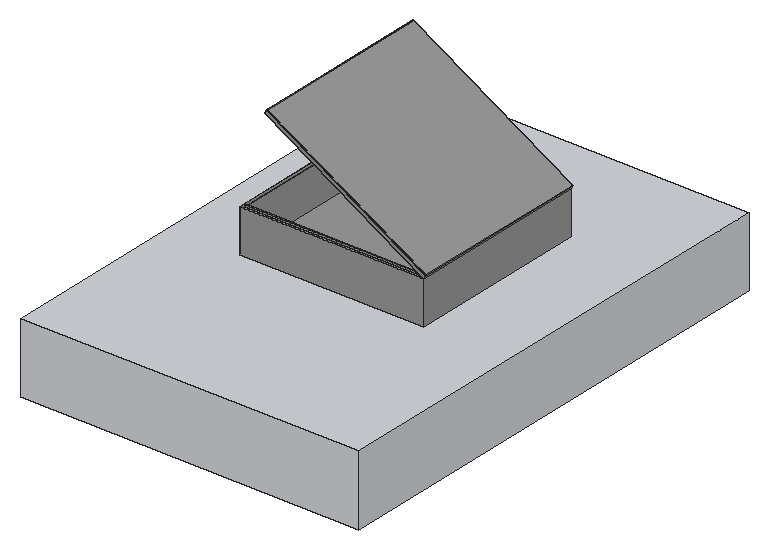
Revit family "Hager-Univers-IP54-D205-H800-Cl.II-Encl-NL-en", category Equipement électrique, Revit 2020
Family settings
  Hôte = Face
  Configuration du panneau = Deux colonnes, circuits au sein
  Cote de connecteur circulaire = Utiliser le diamètre
  Type d'élément = Tableau de raccordement
  Couper avec des vides une fois chargée = Non
  Partagée = Non
  Point de calcul de pièce = Non
Parameters (values of type "Surface mounted (plaster) IP54 W800 H800 D205  - FP53QSW")
  Width Control [instance] = if([EF000008 - Width] > Min Width, [EF000008 - Width], Min Width)  # 800 mm
  Commentaires du type = [HG000003 - Range]  # "Univers"
  Thickness Door [instance] = if([EF009171 - Material plate thickness door/cover] > 3 mm, 3 mm, [EF009171 - Material plate thickness door/cover])  # 1 mm
  Seal Frame Offset [instance] = 17 mm  # constant formula
  Plinth Visibility [instance] = [HG000027 - Plinth height] > 0 mm  # no
  Model = ""
  Min Width [instance] = 100 mm  # constant formula
  Min Height [instance] = 100 mm  # constant formula
  Min Depth [instance] = (2 * [EF009170 - Material plate thickness cabinet]) + 1 mm  # 3 mm
  Internal Frame Depth [instance] = (Door System Depth * 0.5)  # 9 mm
  Height Control [instance] = if([EF000040 - Height] > Min Height, [EF000040 - Height], Min Height)  # 800 mm
  HG000027 - Plinth height = 0 mm
  HG000026 - Floor standing = no
  HG000024 - Bottom section height = 800 mm
  HG000023 - Double section enclosure = no
  HG000016 - Door 3d visibility [instance] = yes
  HG000015 - Clearance visibility [instance] = no
  HG000014 - Door on the right [instance] = yes
  HG000013 - Door on the left [instance] = not([HG000014 - Door on the right])  # no
  HG000012 - Door swing angle [instance] = 30.00°
  HG000010 - Asymmetric doors = no
  HG000009 - Double swing door = no
  HG000006 - Flush mounted = no
  HG000004 - Manufacturer reference = "FP53QSW"
  HG000003 - Range = "Univers"
  HG000002 - With door or cover = yes
  Frame Offset Bottom [instance] = 10 mm  # constant formula
  Frame Offset [instance] = 15 mm  # constant formula
  EF015940 - Cover with overpressure release = no
  EF011959 - Degree of protection (NEMA) = ""
  EF009554 - Number of openings for flange plates = 6
  EF009212 - Cover model = "EV000116 - Closed"
  EF009171 - Material plate thickness door/cover = 1 mm
  EF009170 - Material plate thickness cabinet = 1 mm
  Fabricant = "Hager"  # constant formula
  EF008873 - Nominal current (In) = 250 A
  EF007800 - Suitable for lightning protection = no
  EF006306 - With lock = no
  EF006244 - Transparent cover/door = no
  EF005474 - Degree of protection (IP) = "EV006419 - IP54"
  EF004464 - Type of door = "EV002646 - Single"
  EF004427 - Number of modules = 180
  EF004293 - Impact strength = "EV006815 - IK09"
  EF003532 - Suitable for outdoor use = no
  EF002950 - Width in number of modular spacings = 36
  EF001613 - Circuit integrity = "EV000494 - None"
  EF001596 - Material housing = "EV000179 - Steel"
  EF001131 - Internal depth = 143 mm
  EF001088 - Extension possible = yes
  EF000437 - Number of conduit inlets = 6
  EF000339 - Type of cover = "EV001012 - Cover"
  EF000266 - Number of rows = 5
  EF000218 - Built-in depth = 0 mm
  EF000118 - With mounting plate = no
  EF000116 - RAL-number = "9010"
  EF000049 - Depth = 205 mm
  EF000040 - Height = 800 mm
  EF000008 - Width = 800 mm
  EF000007 - Colour = "EV000202 - White"
  EF000003 - Mounting method = "EV000384 - Surface mounted (plaster)"
  Door System Leaf Tolerance [instance] = 1.5 mm  # constant formula
  Door System Depth [instance] = 18 mm  # constant formula
  Door Height [instance] = Height Control - [HG000027 - Plinth height]  # 800 mm
  Depth Control [instance] = if([EF000049 - Depth] > Min Depth, [EF000049 - Depth], Min Depth)  # 205 mm
  Default Elevation = 0 mm
  Connector Offset [instance] = Height Control / 2  # 400 mm
  Bottom Top Plate Trim [instance] = 1.5 mm  # constant formula
  Plinth height Ctrl [instance] = if([HG000027 - Plinth height] > 0 mm, [HG000027 - Plinth height], 12 mm)  # 12 mm
Types (2, lengths in mm): name | Width Control | HG000004 - Manufacturer reference | EF009554 - Number of openings for flange plates | EF004427 - Number of modules | EF002950 - Width in number of modular spacings | EF000437 - Number of conduit inlets | EF000008 - Width
  Surface mounted (plaster) IP54 W550 H800 D205  - FP52QSW | 550 | "FP52QSW" | 4 | 120 | 24 | 4 | 550
  Surface mounted (plaster) IP54 W800 H800 D205  - FP53QSW | 800 | "FP53QSW" | 6 | 180 | 36 | 6 | 800
Reference planes
  plane 1 "Center (Front/Back)": y = 0
  plane 2: z = 0
  plane 3 "Center (Left/Right)": x = 0
  plane 4: z = 205
  plane 5: y = 1
  plane 6: y = 400
  plane 7: y = 0
  plane 8: y = 800
  plane 9: z = 0
  plane 10: x = -385
  plane 11: x = 385
  plane 12: x = 384
  plane 13: x = -384
  plane 14: y = 799
  plane 15: x = -383
  plane 16: x = -400
  plane 17: x = 383
  plane 18: x = 400
  plane 19: x = 399
  plane 20: x = -399
  plane 21: y = 11
  plane 22: y = 800
  plane 23: y = 784
  plane 24: z = 187
  plane 25: z = 1
  plane 26: z = 186
  plane 27: z = 204
Forms (mm)
  Extrusion 1, solid
    sketch origin (0, 0, 0) x (1, 0, 0) y (0, 1, 0)
      loop
        line (-702.964, 1305) -> (-702.964, -811.445) -> (766.763, -811.445) -> (766.763, 1305) -> (-702.964, 1305)
    from 0 to -304.8
  Extrusion 2, solid, material "Hager_Steel_RAL7035_Light_Grey", visible <- "Plinth Visibility", detail levels medium+fine
    sketch origin (0, 0, 0) x (1, 0, 0) y (0, 1, 0)
      loop
        line (-400, 0) -> (400, 0) -> (400, 12) -> (-400, 12) -> (-400, 0)
    from 0 to 187
  Extrusion 3, solid, material "Hager_Steel_RAL7035_Light_Grey", detail levels medium+fine
    sketch origin (0, 0, 0) x (1, 0, 0) y (0, 1, 0)
      loop
        line (-400, 0) -> (400, 0) -> (400, 800) -> (-400, 800) -> (-400, 0)
    from 0 to 187
  Extrusion 4, void
    sketch origin (0, 0, 0) x (1, 0, 0) y (0, 1, 0)
      loop
        line (-399, 1) -> (399, 1) -> (399, 799) -> (-399, 799) -> (-399, 1)
    from 1 to 186
  Extrusion 5, void
    sketch origin (-381.607, -4572, 187) x (0, -1, 0) y (-1, 0, 0)
      loop
        line (-4583, 2.393) -> (-5356, 2.393) -> (-5356, -765.607) -> (-4583, -765.607) -> (-4583, 2.393)
    from 0 to 1 <- "EF009170 - Material plate thickness cabinet"
  Extrusion 6, solid, material "Hager_Steel_RAL7035_Light_Grey", detail levels fine
    sketch origin (0, 0, 187) x (1, 0, 0) y (0, 1, 0)
      loop
        line (-384, 784) -> (-384, 11) -> (384, 11) -> (384, 784) -> (-384, 784)
      loop
        line (-385, 10) -> (385, 10) -> (385, 785) -> (-385, 785) -> (-385, 10)
    from 0 to 9 <- "Internal Frame Depth"
  Extrusion 7, solid, material "Hager_Steel_RAL7035_Light_Grey", detail levels coarse
    sketch origin (0, 0, 0) x (1, 0, 0) y (0, 1, 0)
      loop
        line (-400, 0) -> (400, 0) -> (400, 800) -> (-400, 800) -> (-400, 0)
    from 0 to 205
  Sweep 8, void
    path in 3D
      loop
        line (-400, 12, 0) -> (400, 12, 0) -> (400, 12, 187) -> (-400, 12, 187) -> (-400, 12, 0)
    profile origin (-400, 12, 93.5) x (-1, 0, 0) y (0, -1, 0)
      loop
        line (0, 0) -> (0, 1.5) -> (-1.5, 1.5)
        arc (-1.5, 1.5) -> (-1.061, 0.439) -> (0, 0) r 1.5
Cuts and joins
  Extrusion 4, Extrusion 5 cuts Extrusion 3
  Sweep 8 cuts Extrusion 2
Lines and regions (mm)
  Masking region 1
    outline origin (0, 0, 0) x (1, 0, 0) y (0, 0, 1)
      loop
        line (-400, 205) -> (-400, 0) -> (400, 0) -> (400, 205) -> (-400, 205)
  Masking region 2, detail levels medium+fine
    outline origin (0, 140, 0) x (0, 1, 0) y (0, 0, 1)
      loop
        line (-140, 0) -> (660, 0) -> (660, 187) -> (-140, 187) -> (-140, 0)
  Masking region 3, not visible, detail levels medium+fine
    outline origin (0, 297.922, 0) x (0, 1, 0) y (0, 0, 1)
      loop
        line (113.578, 0) -> (153.578, 0) -> (153.578, 194)
        arc (153.578, 194) -> (150.649, 201.071) -> (143.578, 204) r 10
        line (143.578, 204) -> (113.578, 204) -> (113.578, 0)
  Masking region 4, detail levels coarse
    outline origin (0, 0, 180) x (0, 1, 0) y (0, 0, 1)
      loop
        line (0, -180) -> (800, -180) -> (800, 25) -> (0, 25) -> (0, -180)
  Masking region 5, visible <- "Plinth Visibility", detail levels medium+fine
    outline origin (0, 52.24, 12.345) x (0, 0, -1) y (0, 1, 0)
      loop
        line (10.845, -40.24) -> (-173.155, -40.24)
        arc (-173.155, -40.24) -> (-173.594, -41.301) -> (-174.655, -41.74) r 1.5
        line (-174.655, -41.74) -> (-174.655, -52.24) -> (12.345, -52.24) -> (12.345, -41.74)
        arc (12.345, -41.74) -> (11.285, -41.301) -> (10.845, -40.24) r 1.5
  Masking region 6, detail levels medium+fine
    outline origin (-381.607, -4572, 187) x (-1, 0, 0) y (0, -1, 0)
      loop
        line (18.393, -5372) -> (18.393, -4572) -> (-781.607, -4572) -> (-781.607, -5372) -> (18.393, -5372)
  Masking region 7, visible <- "Plinth Visibility", detail levels medium+fine
    outline origin (-381.607, -4727, 187) x (-1, 0, 0) y (0, -1, 0)
      loop
        arc (16.893, -4739) -> (17.332, -4737.939) -> (18.393, -4737.5) r 1.5
        line (18.393, -4737.5) -> (18.393, -4727) -> (-781.607, -4727) -> (-781.607, -4737.5)
        arc (-781.607, -4737.5) -> (-780.546, -4737.939) -> (-780.107, -4739) r 1.5
        line (-780.107, -4739) -> (16.893, -4739)
  Masking region 8, detail levels coarse
    outline origin (-442.548, -4669.526, 187) x (-1, 0, 0) y (0, -1, 0)
      loop
        line (-42.548, -5469.526) -> (-42.548, -4669.526) -> (-842.548, -4669.526) -> (-842.548, -5469.526) -> (-42.548, -5469.526)
  sketch lines
    curve 1: line (-400, 12, 187) -> (-400, 12, 0)
    curve 2: line (400, 12, 187) -> (-400, 12, 187)
    curve 3: line (400, 12, 187) -> (400, 12, 0)
    curve 4: line (-400, 12, 0) -> (400, 12, 0)
Dimensions and locks
  "Depth Control": plane 4 to Extrusion 1
  "HG000027 - Plinth height": plane 1 "Center (Front/Back)" to plane 7
  "EF009170 - Material plate thickness cabinet": plane 5 to plane 7
  locked: connector elem to plane 3 "Center (Left/Right)"
  equal spacing: plane 8, plane 6, plane 7
  locked: connector elem to plane 6
  "EF009170 - Material plate thickness cabinet": plane 8 to plane 14
  "EF009170 - Material plate thickness cabinet": plane 10 to plane 13
  "EF009170 - Material plate thickness cabinet": plane 12 to plane 11
  "Frame Offset": plane 20 to plane 13
  "Frame Offset": plane 12 to plane 19
  "EF009170 - Material plate thickness cabinet": plane 16 to plane 20
  "EF009170 - Material plate thickness cabinet": plane 19 to plane 18
  "Seal Frame Offset": plane 16 to plane 15
  "Seal Frame Offset": plane 17 to plane 18
  "Frame Offset Bottom": plane 21 to plane 5
  "Frame Offset": plane 14 to plane 23
  equal spacing: plane 16, plane 3 "Center (Left/Right)", plane 18
  "Width Control": plane 16 to plane 18
  "EF009170 - Material plate thickness cabinet": plane 4 to plane 27
  "EF009170 - Material plate thickness cabinet": plane 24 to plane 26
  "EF009170 - Material plate thickness cabinet": plane 25 to level
  "Door System Depth": plane 4 to plane 24
  "Height Control": plane 1 "Center (Front/Back)" to Extrusion 7 sketch curve
  "Height Control": Masking region 4 sketch curve to plane 1 "Center (Front/Back)"
  "Height Control": plane 1 "Center (Front/Back)" to plane 22
  "Bottom Top Plate Trim": profile plane to Sweep 8 sketch curve
  "Bottom Top Plate Trim": Sweep 8 sketch curve to profile plane
  "Plinth height Ctrl": plane 1 "Center (Front/Back)" to Extrusion 2 sketch curve
  "Plinth height Ctrl": Masking region 5 sketch curve to plane 1 "Center (Front/Back)"
  "Plinth height Ctrl": plane 1 "Center (Front/Back)" to Masking region 7 sketch curve
  "Thickness Door": Extrusion 6 sketch curve to Extrusion 6 sketch curve  (x3)
  "Thickness Door": cut or joined group of Extrusion 3, Extrusion 4, Extrusion 5 to Extrusion 6 sketch curve
  radius of Masking region 3 sketch curve = 10 mm
  "Bottom Top Plate Trim": radius of Masking region 5 sketch curve  (x2)
  "Bottom Top Plate Trim": radius of Sweep 8 sketch curve
  "Bottom Top Plate Trim": radius of Masking region 7 sketch curve  (x2)
  aligned and locked: plane 2 to Extrusion 1
  aligned and locked: level to Extrusion 1
  aligned and locked: level to Masking region 1 sketch curve
  aligned and locked: Masking region 1 sketch curve to plane 18
  aligned and locked: Masking region 1 sketch curve to plane 16
  aligned and locked: plane 7 to Masking region 2 sketch curve
  aligned and locked: level to Masking region 3 sketch curve
  aligned and locked: Masking region 3 sketch curve to plane 27
  aligned and locked: level to Masking region 2 sketch curve
  aligned and locked: plane 1 "Center (Front/Back)" to Extrusion 2 sketch curve
  aligned and locked: Extrusion 3 sketch curve to plane 7
  aligned and locked: plane 16 to Extrusion 3 sketch curve
  aligned and locked: plane 18 to Extrusion 3 sketch curve
  aligned and locked: plane 20 to Extrusion 4 sketch curve
  aligned and locked: plane 19 to Extrusion 4 sketch curve
  aligned and locked: Extrusion 4 sketch curve to plane 5
  aligned and locked: Extrusion 4 to plane 25
  aligned and locked: plane 26 to Extrusion 4
  aligned and locked: plane 24 to Extrusion 3
  aligned and locked: Extrusion 5 sketch curve to plane 21
  aligned and locked: Extrusion 5 sketch curve to plane 13
  aligned and locked: Extrusion 5 sketch curve to plane 12
  aligned and locked: plane 18 to Extrusion 7 sketch curve
  aligned and locked: plane 1 "Center (Front/Back)" to Extrusion 7 sketch curve
  aligned and locked: plane 16 to Extrusion 7 sketch curve
  aligned and locked: plane 4 to Extrusion 7
  aligned and locked: Extrusion 7 to level
  aligned and locked: level to Masking region 4 sketch curve
  aligned and locked: Masking region 4 sketch curve to plane 1 "Center (Front/Back)"
  aligned and locked: Masking region 4 sketch curve to plane 4
  aligned and locked: nested 1 to level
  aligned and locked: nested 1 to plane 16
  aligned and locked: plane 8 to Extrusion 3 sketch curve
  aligned and locked: plane 23 to Extrusion 5 sketch curve
  aligned and locked: plane 14 to Extrusion 4 sketch curve
  aligned and locked: Masking region 2 sketch curve to plane 8
  aligned and locked: level to Masking region 5 sketch curve
  aligned and locked: plane 16 to Extrusion 2 sketch curve
  aligned and locked: plane 18 to Extrusion 2 sketch curve
  aligned and locked: Masking region 5 sketch curve to plane 24
  aligned and locked: Masking region 2 sketch curve to plane 24
  aligned and locked: plane 24 to Extrusion 2
  aligned and locked: profile plane to Sweep 8 sketch curve  (x2)
  aligned and locked: Masking region 6 sketch curve to plane 18
  aligned and locked: Masking region 6 sketch curve to plane 22
  aligned and locked: Masking region 6 sketch curve to plane 16
  aligned and locked: plane 8 to plane 22
  aligned and locked: Masking region 6 sketch curve to plane 7
  aligned and locked: Masking region 7 sketch curve to plane 16
  aligned and locked: Masking region 7 sketch curve to plane 1 "Center (Front/Back)"
  aligned and locked: Masking region 7 sketch curve to plane 18
  aligned and locked: Masking region 8 sketch curve to plane 1 "Center (Front/Back)"
  aligned and locked: Masking region 8 sketch curve to plane 18
  aligned and locked: Masking region 8 sketch curve to plane 22
  aligned and locked: Masking region 8 sketch curve to plane 16
  aligned and locked: nested 2 to plane 7
  aligned and locked: plane 3 "Center (Left/Right)" to nested 2
  aligned and locked: nested 2 to plane 24
  aligned and locked: Extrusion 6 sketch curve to cut or joined group of Extrusion 3, Extrusion 4, Extrusion 5  (x4)
Automatic sketch dimensions
  Extrusion 1 sketch curve to Extrusion 1 sketch curve = 1469.727 mm
  Extrusion 1 sketch curve to Extrusion 1 sketch curve = 2116.445 mm
  Masking region 1 sketch curve to plane 4 = 0 mm
  plane 6 to Masking region 3 sketch curve = 11.5 mm
  Masking region 3 sketch curve to Masking region 3 sketch curve = 30 mm
  Masking region 5 sketch curve to plane 1 "Center (Front/Back)" = 0 mm
Nested families
  nested 1: "Hager_Enclosure_Symbol" at (-400, 0, 0) x (1, 0, 0) z (0, -1, 0), Height <- "Depth Control", Width <- "Width Control", type "Hager_Enclosure_Symbol"
    with Width_Ctrl 800 mm, Width 800 mm, Height_Ctrl 205 mm, Height 205 mm, A_Width_Int 13.453 mm, A_Width 161.438 mm, A_Height_Ctrl 179.375 mm, A_Height 179.375 mm
  nested 2: "EC000058_Univers_Door" at (0, 0, 187) x (1, 0, 0) z (0, 1, 0), Leaf_Tolerance <- "Door System Leaf Tolerance", Angle <- "HG000012 - Door swing angle", Door_Depth <- "Door System Depth", Door_Left <- "HG000013 - Door on the left", Transparent <- "EF006244 - Transparent cover/door", Assymetrical <- "HG000010 - Asymmetric doors", Width <- "Width Control", Clearance <- "HG000015 - Clearance visibility", Double <- "HG000009 - Double swing door", 3d_Door <- "HG000016 - Door 3d visibility", Lock_Visibility <- "EF006306 - With lock", Width_Ctrl <- "Width Control", Door_Right <- "HG000014 - Door on the right", Door <- "HG000002 - With door or cover", Height <- "Door Height", Thickness <- "Thickness Door", type "EC000058_Univers_Door", detail levels medium+fine
    with min_wh 3 mm, Width_Ctrl 800 mm, Width 800 mm, Transparent no, Thickness 1 mm, Seal_Material Hager_Rubber, Lock_Visibility no, Lock_Material Hager_Plastic_RAL9005_Jet_Black, Leaf_Width 800 mm, Leaf_Tolerance_External_Sides 0 mm, Leaf_Tolerance 1.5 mm, Leaf_Offset 0 mm, Leaf_Height 797 mm, Leaf_2_Width 800 mm, Leaf_2_Offset 400 mm, Leaf_1_Width 800 mm, Leaf_1_Offset 400 mm, Height_Ctrl 800 mm, Height 800 mm, Glass_Material Hager_Glass, Double_Clearance_Ctrl no, Double no, Door_Right_Ctrl yes, Door_Right yes, Door_Material Hager_Steel_RAL7035_Light_Grey, Door_Left_Ctrl no, Door_Left no, Door_Depth 18 mm, Door yes, Clearance_Material Hager_Clearance, Clearance_Depth 800 mm, Clearance_Ctrl no, Clearance no, Assymetrical no, Angle 30.00°, 3d_Door yes
Connectors
  electrical at (0, 400, 0)
    settings: on plane 9, index 1, voltage 0 V, apparent load 0 VA, apparent load phase1 0 VA, apparent load phase2 0 VA, apparent load phase3 0 VA, power factor 1, load classification "Other", number of poles 1, system type 30, power factor state 1, is connector primary yes, connector utility no, sub classification motor no, connector description ""
Definition of nested family "EC000058_Univers_Door"
  Parameters (values of type "EC000058_Univers_Door")
    min_wh [instance] = (2 * Thickness) + 1 mm  # 11 mm
    Width_Ctrl [instance] = 400 mm
    Width [instance] = 500 mm
    Transparent [instance] = yes
    Thickness [instance] = 5 mm
    Seal_Material [instance] = none
    Lock_Visibility [instance] = yes
    Lock_Material [instance] = none
    Leaf_Width [instance] = if((Width_Ctrl - 2 * Leaf_Tolerance_External_Sides) > 0 mm, (Width_Ctrl - 2 * Leaf_Tolerance_External_Sides), min_wh)  # 400 mm
    Leaf_Tolerance_External_Sides [instance] = 0 mm  # constant formula
    Leaf_Tolerance [instance] = 1.5 mm
    Leaf_Offset [instance] = 0 mm  # constant formula
    Leaf_Height [instance] = if((Height_Ctrl - 2 * Leaf_Tolerance) > 0 mm, (Height_Ctrl - 2 * Leaf_Tolerance), min_wh)  # 497 mm
    Leaf_2_Width [instance] = if(and(and(Double, Assymetrical), Door_Left), (Leaf_Width / 3) - (Leaf_Tolerance / 2), if(and(and(Double, Assymetrical), Door_Right), (Leaf_Width / 3) * 2 - (Leaf_Tolerance / 2), if(and(Double, not(Assymetrical)), (Leaf_Width / 2) - Leaf_Tolerance, Leaf_Width)))  # 400 mm
    Leaf_2_Offset [instance] = if(and(Double, Assymetrical), Leaf_2_Width / 2, if(and(Double, not(Assymetrical)), Leaf_Width / 4, Leaf_Width / 2))  # 200 mm
    Leaf_1_Width [instance] = if(and(and(Double, Assymetrical), Door_Right), (Leaf_Width / 3) - (Leaf_Tolerance / 2), if(and(and(Double, Assymetrical), Door_Left), (Width / 3) * 2 - (Leaf_Tolerance / 2), if(and(Double, not(Assymetrical)), (Leaf_Width / 2) - Leaf_Tolerance, Leaf_Width)))  # 400 mm
    Leaf_1_Offset [instance] = if(and(Double, Assymetrical), Leaf_1_Width / 2, if(and(Double, not(Assymetrical)), Leaf_Width / 4, Leaf_Width / 2))  # 200 mm
    Height_Ctrl [instance] = if(Height > min_wh, Height, min_wh)  # 500 mm
    Height [instance] = 500 mm
    Glass_Material [instance] = none
    Double_Clearance_Ctrl [instance] = and(Double, Clearance)  # no
    Double [instance] = no
    Door_Right_Ctrl [instance] = and(or(Door_Right, Double), Door)  # yes
    Door_Right [instance] = yes
    Door_Material [instance] = none
    Door_Left_Ctrl [instance] = and(or(Door_Left, Double), Door)  # no
    Door_Left [instance] = no
    Door_Depth [instance] = 30 mm
    Door [instance] = yes
    Default Elevation = 1219.2 mm
    Clearance_Material [instance] = none
    Clearance_Depth [instance] = if(Leaf_1_Width > Leaf_2_Width, Leaf_1_Width, Leaf_2_Width)  # 400 mm
    Clearance_Ctrl [instance] = and(not(Double), Clearance)  # yes
    Clearance [instance] = yes
    Assymetrical [instance] = yes
    Angle [instance] = 30.00°
    3d_Door [instance] = yes
  Reference planes
    plane 1 "Center (Front/Back)": y = 0
    plane 2 "Bottom": z = 0
    plane 3 "Center (Left/Right)": x = 0
    plane 4: z = 500
    plane 5: x = -200
    plane 6: x = 200
    plane 7: z = 500
    plane 8: x = -200
    plane 9: z = 0
    plane 10: x = 200
    plane 11: y = 0
    plane 12: z = 1.5
    plane 13: x = -600
    plane 14: y = -400
    plane 15: x = 600
    plane 16: x = 0
    plane 17: x = 0
    plane 18: x = -200
    plane 19: x = 200
    plane 20: z = 498.5
  Forms (mm)
    Extrusion 1, solid, material <- "Clearance_Material", visible <- "Double_Clearance_Ctrl"
      sketch origin (1200, 0, 0) x (1, 0, 0) y (0, 0, -1)
        loop
          line (-1800, -498.5) -> (-600, -498.5) -> (-600, 0) -> (-1800, 0) -> (-1800, -498.5)
      from 0 to -400
  Dimensions and locks
    equal spacing: plane 5, plane 3 "Center (Left/Right)", plane 6
    "Width_Ctrl": plane 5 to plane 6
    "Leaf_Offset": plane 5 to plane 8
    "Leaf_Offset": plane 6 to plane 10
    "Leaf_Offset": plane 9 to level
    "Leaf_Offset": plane 4 to plane 7
    "Height_Ctrl": plane 4 to level
    "Leaf_Tolerance": plane 12 to plane 9
    locked: plane 11 to plane 1 "Center (Front/Back)"
    "Leaf_1_Offset": plane 18 to plane 16
    "Leaf_2_Offset": plane 17 to plane 19
    "Leaf_1_Width": plane 13 to plane 8
    "Leaf_2_Width": plane 10 to plane 15
    "Clearance_Depth": plane 14 to plane 1 "Center (Front/Back)"
    "Leaf_Tolerance_External_Sides": plane 8 to plane 18
    "Leaf_Tolerance_External_Sides": plane 19 to plane 10
    "Leaf_Tolerance": plane 7 to plane 20
    aligned and locked: level to plane 2 "Bottom"
    aligned and locked: nested 1 to plane 16
    aligned and locked: nested 2 to plane 17
    aligned and locked: Extrusion 1 to plane 13
    aligned and locked: plane 15 to Extrusion 1
    aligned and locked: Extrusion 1 to plane 14
    aligned and locked: plane 12 to nested 1
    aligned and locked: nested 2 to plane 12
    aligned and locked: Extrusion 1 to plane 11
    aligned and locked: plane 20 to Extrusion 1
    aligned and locked: nested 2 to plane 11
    aligned and locked: nested 1 to plane 11
  Automatic sketch dimensions
    Extrusion 1 sketch curve to level = 0 mm
    plane 5 to Extrusion 1 sketch curve = 400 mm
    plane 6 to Extrusion 1 sketch curve = 400 mm
    Extrusion 1 sketch curve to plane 4 = 1.5 mm
  Nested families
    nested 1: "EC000058_Univers_Door_Leaf" at (0, 0, 1.5), Width <- "Leaf_1_Width", visible <- "Door_Left_Ctrl", Leaf_Height <- "Leaf_Height", Angle <- "Angle", 3d_Door <- "3d_Door", Transparent <- "Transparent", Clearance Material <- "Clearance_Material", Clearance <- "Clearance_Ctrl", Door_Material <- "Door_Material", Glass_Material <- "Glass_Material", Door_Depth <- "Door_Depth", Lock_Material <- "Lock_Material", Seal_Material <- "Seal_Material", Lock_Visibility <- "Lock_Visibility", Thickness <- "Thickness", type "EC000058_Univers_Door_Leaf"
      with Width 400 mm, Transparent_Glass_Offset 30 mm, Transparent_Ctrl yes, Transparent yes, Thickness 5 mm, Standard no, Seal_Material none, Seal_D2 8 mm, Seal_D1 1 mm, Offset_Internal_Frame 10 mm, Lock_Width 20 mm, Lock_Visibility_3d yes, Lock_Visibility yes, Lock_Thickness_3 3 mm, Lock_Thickness_2 1 mm, Lock_Thickness_1 3 mm, Lock_Radius_Offset_2 16 mm, Lock_Radius_Offset_1 15 mm, Lock_Radius_2 5 mm, Lock_Radius 6 mm, Lock_Offset 5 mm, Lock_Material none, Lock_Height 80 mm, Lock_Cover_Top_Offset_2d 17 mm, Lock_Cover_Height -65 mm, Leaf_Height 497 mm, Internal_Seal_Thickness 8 mm, Internal_Seal_Depth_2 4.5 mm, Internal_Frame_Depth 25 mm, Glass_Thickness -1 mm, Glass_Offset -2 mm, Glass_Material none, Door_Material none, Door_Depth 30 mm, Clearance Material none, Clearance yes, Angle_Ctrl 30.00°, Angle 30.00°, 3d_Door yes
    nested 2: "EC000058_Univers_Door_Leaf" at (0, 0, 1.5) x (-1, 0, 0) z (0, 0, 1), Width <- "Leaf_2_Width", visible <- "Door_Right_Ctrl", Leaf_Height <- "Leaf_Height", Angle <- "Angle", 3d_Door <- "3d_Door", Transparent <- "Transparent", Clearance Material <- "Clearance_Material", Clearance <- "Clearance_Ctrl", Door_Material <- "Door_Material", Glass_Material <- "Glass_Material", Door_Depth <- "Door_Depth", Lock_Material <- "Lock_Material", Seal_Material <- "Seal_Material", Lock_Visibility <- "Lock_Visibility", Thickness <- "Thickness", type "EC000058_Univers_Door_Leaf"
      with Width 400 mm, Transparent_Glass_Offset 30 mm, Transparent_Ctrl yes, Transparent yes, Thickness 5 mm, Standard no, Seal_Material none, Seal_D2 8 mm, Seal_D1 1 mm, Offset_Internal_Frame 10 mm, Lock_Width 20 mm, Lock_Visibility_3d yes, Lock_Visibility yes, Lock_Thickness_3 3 mm, Lock_Thickness_2 1 mm, Lock_Thickness_1 3 mm, Lock_Radius_Offset_2 16 mm, Lock_Radius_Offset_1 15 mm, Lock_Radius_2 5 mm, Lock_Radius 6 mm, Lock_Offset 5 mm, Lock_Material none, Lock_Height 80 mm, Lock_Cover_Top_Offset_2d 17 mm, Lock_Cover_Height -65 mm, Leaf_Height 497 mm, Internal_Seal_Thickness 8 mm, Internal_Seal_Depth_2 4.5 mm, Internal_Frame_Depth 25 mm, Glass_Thickness -1 mm, Glass_Offset -2 mm, Glass_Material none, Door_Material none, Door_Depth 30 mm, Clearance Material none, Clearance yes, Angle_Ctrl 30.00°, Angle 30.00°, 3d_Door yes
  Definition of nested family "EC000058_Univers_Door_Leaf"
    Parameters (values of type "EC000058_Univers_Door_Leaf")
      Width [instance] = 2000 mm
      Transparent_Glass_Offset [instance] = 30 mm
      Transparent_Ctrl [instance] = and(Transparent, [3d_Door])  # yes
      Transparent [instance] = yes
      Thickness [instance] = 5 mm
      Standard [instance] = and(not(Transparent), [3d_Door])  # no
      Seal_Material [instance] = none
      Seal_D2 [instance] = 8 mm  # constant formula
      Seal_D1 [instance] = 1 mm  # constant formula
      Offset_Internal_Frame [instance] = 10 mm  # constant formula
      Lock_Width [instance] = 20 mm  # constant formula
      Lock_Visibility_3d [instance] = and(Lock_Visibility, [3d_Door])  # yes
      Lock_Visibility [instance] = yes
      Lock_Thickness_3 [instance] = 3 mm  # constant formula
      Lock_Thickness_2 [instance] = 1 mm  # constant formula
      Lock_Thickness_1 [instance] = 3 mm  # constant formula
      Lock_Radius_Offset_2 [instance] = Lock_Radius_Offset_1 + 1 mm  # 16 mm
      Lock_Radius_Offset_1 [instance] = 15 mm  # constant formula
      Lock_Radius_2 [instance] = Lock_Radius - 1 mm  # 5 mm
      Lock_Radius [instance] = 6 mm  # constant formula
      Lock_Offset [instance] = 5 mm  # constant formula
      Lock_Material [instance] = none
      Lock_Height [instance] = 80 mm  # constant formula
      Lock_Cover_Top_Offset_2d [instance] = Lock_Radius_Offset_2 + 1 mm  # 17 mm
      Lock_Cover_Height [instance] = -(Lock_Height - Lock_Radius_Offset_1)  # -65 mm
      Leaf_Height [instance] = 2720.336 mm
      Internal_Seal_Thickness [instance] = 8 mm  # constant formula
      Internal_Seal_Depth_2 [instance] = 4.5 mm  # constant formula
      Internal_Frame_Depth [instance] = if(Door_Depth - Thickness > 5 mm, Door_Depth - Thickness, 5 mm)  # 25 mm
      Glass_Thickness [instance] = if(Thickness > 15 mm, Glass_Offset + 10 mm, -1 mm)  # -1 mm
      Glass_Offset [instance] = if(Thickness > 15 mm, -(Thickness + 10 mm) / 2, -2 mm)  # -2 mm
      Glass_Material [instance] = none
      Door_Material [instance] = none
      Door_Depth [instance] = 30 mm
      Default Elevation = 0 mm
      Clearance Material [instance] = none
      Clearance [instance] = yes
      Angle_Ctrl [instance] = if(Angle > 180.00°, 180.00°, Angle)  # 90.00°
      Angle [instance] = 90.00°
      3d_Door [instance] = yes
    Reference planes
      plane 1 "Center (Front/Back)": y = 0
      plane 2: z = 0
      plane 3 "Center (Left/Right)": x = 0
      plane 4: y = 2000
      plane 5: x = -1000
      plane 6: x = 1000
      plane 7: x = -3000
      plane 8: z = 2720.336
      plane 9: z = 30
      plane 10: z = 2690.336
      plane 11: x = 970
      plane 12: x = -970
      plane 13: y = -3
      plane 14: z = 107.833
      plane 15: y = -5
      plane 16: y = -223.314
      plane 17: x = -1000
      plane 18: z = 1360.168
      plane 19: y = 30
    Forms (mm)
      Extrusion 1, solid, material <- "Clearance Material", visible <- "Clearance"
        sketch origin (0, 0, 0) x (1, 0, 0) y (0, 0, 1)
          loop
            line (-3000, 2720.336) -> (-3000, 0) -> (1000, 0) -> (1000, 2720.336) -> (-3000, 2720.336)
        from 0 to -2000
      Extrusion 2, solid, material <- "Door_Material", visible <- "Standard", detail levels medium+fine
        sketch origin (-1000, 0, 0) x (0, 1, 0) y (-1, 0, 0)
          loop
            line (0, 30) -> (0, 25) -> (2000, 25) -> (2000, 30) -> (0, 30)
        from 0 to 2720.336 <- "Leaf_Height"
      Extrusion 3, solid, material <- "Door_Material", visible <- "Transparent_Ctrl", detail levels medium+fine
        sketch origin (-1000, 0, 0) x (0, 1, 0) y (-1, 0, 0)
          loop
            line (0, 25) -> (2000, 25) -> (2000, 30) -> (0, 30) -> (0, 25)
        from 0 to 2720.336 <- "Leaf_Height"
      Extrusion 4, void
        sketch origin (-1025, 2000, 0) x (0, 1, 0) y (0, 0, -1)
          loop
            line (-30, -2690.336) -> (-30, -30) -> (-1970, -30) -> (-1970, -2690.336) -> (-30, -2690.336)
        from 0 to 5 <- "Thickness"
      Sweep 5, solid, material <- "Seal_Material", visible <- "Transparent_Ctrl", detail levels fine
        path in 3D
          loop
            line (-1025, 30, 30) -> (-1025, 30, 2690.336) -> (-1025, 1970, 2690.336) -> (-1025, 1970, 30) -> (-1025, 30, 30)
        profile origin (-1025, 1000, 30) x (1, 0, 0) y (0, 0, 1)
          loop
            line (0, 0) -> (0, -8) -> (1, -8) -> (1, 0) -> (0, 0)
      Extrusion 6, solid, material <- "Glass_Material", visible <- "Transparent_Ctrl", detail levels medium+fine
        sketch origin (-1030, 0, 0) x (0, 1, 0) y (0, 0, -1)
          loop
            line (1970, -2690.336) -> (1970, -30) -> (30, -30) -> (30, -2690.336) -> (1970, -2690.336)
        from -2 <- "Glass_Offset" to -1 <- "Glass_Thickness"
      Extrusion 7, solid, material <- "Door_Material", visible <- "3d_Door", detail levels medium+fine
        sketch origin (-1025, 2000, 0) x (0, -1, 0) y (0, 0, -1)
          loop
            line (0, -2720.336) -> (2000, -2720.336) -> (2000, 0) -> (0, 0) -> (0, -2720.336)
          loop
            line (1995, -5) -> (5, -5) -> (5, -2715.336) -> (1995, -2715.336) -> (1995, -5)
        from 0 to 25 <- "Internal_Frame_Depth"
      Sweep 8, solid, material <- "Seal_Material", visible <- "Transparent_Ctrl", detail levels fine
        path in 3D
          loop
            line (-1025, 0, 0) -> (-1025, 2000, 0) -> (-1025, 2000, 2720.336) -> (-1025, 0, 2720.336) -> (-1025, 0, 0)
        profile origin (-1025, 0, 1360.168) x (1, 0, 0) y (0, 1, 0)
          loop
            line (0, 10) -> (2.975, 10)
            arc (2.975, 10) -> (4.053, 10.447) -> (4.5, 11.525) r 1.525
            line (4.5, 11.525) -> (4.5, 16.527)
            arc (4.5, 16.527) -> (4.069, 17.569) -> (3.027, 18) r 1.473
            line (3.027, 18) -> (0, 18) -> (0, 10)
      Extrusion 9, solid, material <- "Lock_Material", visible <- "Lock_Visibility_3d", detail levels fine
        sketch origin (-1030, 0, 0) x (0, 1, 0) y (0, 0, -1)
          loop
            arc (1993.5, -1400.168) -> (1994.561, -1399.729) -> (1995, -1398.668) r 1.5
            line (1995, -1398.668) -> (1995, -1320.168) -> (1975, -1320.168) -> (1975, -1398.668)
            arc (1975, -1398.668) -> (1975.439, -1399.729) -> (1976.5, -1400.168) r 1.5
            line (1976.5, -1400.168) -> (1993.5, -1400.168)
        from 3 <- "Lock_Thickness_1" to 0
      Blend 10, solid, material <- "Lock_Material", visible <- "Lock_Visibility_3d", detail levels fine
        base sketch origin (-1033, 0, 0) x (0, 1, 0) y (0, 0, -1)
          loop
            line (1975, -1320.168) -> (1975, -1398.668)
            arc (1975, -1398.668) -> (1975.439, -1399.729) -> (1976.5, -1400.168) r 1.5
            line (1976.5, -1400.168) -> (1993.5, -1400.168)
            arc (1993.5, -1400.168) -> (1994.561, -1399.729) -> (1995, -1398.668) r 1.5
            line (1995, -1398.668) -> (1995, -1320.168) -> (1975, -1320.168)
        top sketch origin (-1033, 0, 0) x (0, 1, 0) y (0, 0, -1)
          loop
            line (1976, -1320.168) -> (1976, -1398.668)
            arc (1976, -1398.668) -> (1976.146, -1399.022) -> (1976.5, -1399.168) r 0.5
            line (1976.5, -1399.168) -> (1993.5, -1399.168)
            arc (1993.5, -1399.168) -> (1993.854, -1399.022) -> (1994, -1398.668) r 0.5
            line (1994, -1398.668) -> (1994, -1320.168) -> (1976, -1320.168)
        from 0 to 1 <- "Lock_Thickness_2"
      Blend 11, solid, material <- "Lock_Material", visible <- "Lock_Visibility_3d", detail levels fine
        base sketch origin (-1034, 0, 0) x (0, 1, 0) y (0, 0, -1)
          loop
            line (1978, -1320.168) -> (1978, -1384.168)
            arc (1978, -1384.168) -> (1985, -1391.168) -> (1992, -1384.168) r 7
            line (1992, -1384.168) -> (1992, -1320.168) -> (1978, -1320.168)
        top sketch origin (-1034, 0, 0) x (0, 1, 0) y (0, 0, -1)
          loop
            line (1991, -1320.168) -> (1979, -1320.168) -> (1979, -1383.168)
            arc (1979, -1383.168) -> (1985, -1389.168) -> (1991, -1383.168) r 6
            line (1991, -1383.168) -> (1991, -1320.168)
        from 0 to 3 <- "Lock_Thickness_3"
      Extrusion 12, solid, material <- "Lock_Material", visible <- "Lock_Visibility_3d", detail levels fine
        sketch origin (-1030, 1975, 1320.168) x (1, 0, 0) y (0, -1, 0)
          loop
            line (-7, -19) -> (-7, -1) -> (0, -1) -> (0, 0) -> (-8, 0) -> (-8, -20) -> (0, -20) -> (0, -19) -> (-7, -19)
        from 0 to -65 <- "Lock_Cover_Height"
      Extrusion 13, void
        sketch origin (-1038, 1995, 1320.168) x (-1, 0, 0) y (0, 0, -1)
          loop
            line (-5, -65) -> (0, -65) -> (-5, -60) -> (-5, -65)
        from 0 to 20 <- "Lock_Width"
      Extrusion 14, void
        sketch origin (-1038, 1975, 1320.168) x (0, -1, 0) y (0, 0, -1)
          loop
            circle (-10, -15.995) r 6
          loop
            circle (-10, -15.995) r 5
        from 0 to 2
      Extrusion 15, solid, material <- "Lock_Material", visible <- "Lock_Visibility_3d", detail levels medium
        sketch origin (-1030, 0, 0) x (0, 1, 0) y (0, 0, -1)
          loop
            arc (1993.5, -1400.168) -> (1994.561, -1399.729) -> (1995, -1398.668) r 1.5
            line (1995, -1398.668) -> (1995, -1320.168) -> (1975, -1320.168) -> (1975, -1398.668)
            arc (1975, -1398.668) -> (1975.439, -1399.729) -> (1976.5, -1400.168) r 1.5
            line (1976.5, -1400.168) -> (1993.5, -1400.168)
        from 8 to 0
    Cuts and joins
      Extrusion 4 cuts Extrusion 3
      Extrusion 13, Extrusion 14 cuts Extrusion 9
      Extrusion 14 cuts Blend 11
      Extrusion 13, Extrusion 14 cuts Extrusion 12
      joined: Extrusion 9, Blend 10, Blend 11, Extrusion 12
      Extrusion 14 cuts Extrusion 15
    Lines and regions (mm)
      Masking region 1, visible <- "Lock_Visibility", detail levels fine
        outline origin (0, 0, 0) x (0, 1, 0) y (0, 0, 1)
          loop
            line (30, 1320.168) -> (33, 1320.168) -> (33, 1400.168) -> (30, 1400.168) -> (30, 1320.168)
      Masking region 2, visible <- "Lock_Visibility", detail levels fine
        outline origin (0, 3.143, 0) x (0, 1, 0) y (0, 0, 1)
          loop
            line (29.857, 1354.168) -> (30.857, 1354.168) -> (30.857, 1366.168) -> (29.857, 1366.168) -> (29.857, 1354.168)
      Masking region 3, detail levels medium+fine
        outline origin (0, 0, 0) x (0, 1, 0) y (0, 0, 1)
          loop
            line (0, 0) -> (30, 0) -> (30, 2720.336) -> (0, 2720.336) -> (0, 0)
      Masking region 4, detail levels medium+fine
        outline origin (0, 0, 0) x (1, 0, 0) y (0, 0, 1)
          loop
            line (-1000, 2720.336) -> (-1000, 0) -> (1000, 0) -> (1000, 2720.336) -> (-1000, 2720.336)
      Masking region 5, visible <- "Lock_Visibility", detail levels fine
        outline origin (-47.116, 0, 0) x (1, 0, 0) y (0, 0, 1)
          loop
            arc (1024.616, 1399.168) -> (1023.556, 1398.729) -> (1023.116, 1397.668) r 1.5
            line (1023.116, 1397.668) -> (1023.116, 1320.168) -> (1041.116, 1320.168) -> (1041.116, 1397.668)
            arc (1041.116, 1397.668) -> (1040.677, 1398.729) -> (1039.616, 1399.168) r 1.5
            line (1039.616, 1399.168) -> (1024.616, 1399.168)
      Masking region 6, visible <- "Lock_Visibility", detail levels medium+fine
        outline origin (-25, 0, 0) x (1, 0, 0) y (0, 0, 1)
          loop
            arc (1001.5, 1400.168) -> (1000.439, 1399.729) -> (1000, 1398.668) r 1.5
            line (1000, 1398.668) -> (1000, 1320.168) -> (1020, 1320.168) -> (1020, 1398.668)
            arc (1020, 1398.668) -> (1019.561, 1399.729) -> (1018.5, 1400.168) r 1.5
            line (1018.5, 1400.168) -> (1001.5, 1400.168)
      Masking region 7, visible <- "Lock_Visibility", detail levels fine
        outline origin (-73.735, 0, 0) x (1, 0, 0) y (0, 0, 1)
          loop
            line (1051.735, 1382.168) -> (1065.735, 1382.168) -> (1065.735, 1384.168)
            arc (1065.735, 1384.168) -> (1058.735, 1391.168) -> (1051.735, 1384.168) r 7
            line (1051.735, 1384.168) -> (1051.735, 1382.168)
      Masking region 8, visible <- "Lock_Visibility", detail levels fine
        outline origin (-73.735, 0, 0) x (1, 0, 0) y (0, 0, 1)
          loop
            line (1052.735, 1382.168) -> (1064.735, 1382.168) -> (1064.735, 1383.168)
            arc (1064.735, 1383.168) -> (1058.735, 1389.168) -> (1052.735, 1383.168) r 6
            line (1052.735, 1383.168) -> (1052.735, 1382.168)
      Masking region 9, visible <- "Lock_Visibility", detail levels fine
        outline origin (-25, 0, 0) x (1, 0, 0) y (0, 0, 1)
          loop
            line (1020, 1320.168) -> (1020, 1382.168) -> (1000, 1382.168) -> (1000, 1320.168) -> (1020, 1320.168)
      Masking region 10, detail levels medium+fine
        outline origin (0, 0, 0) x (1, 0, 0) y (0, 0, 1)
          loop
            circle (985, 1335.144) r 6
      Masking region 11, detail levels fine
        outline origin (0, 0, 0) x (1, 0, 0) y (0, 0, 1)
          loop
            circle (985, 1335.144) r 5
      Masking region 12, visible <- "Lock_Visibility", detail levels fine
        outline origin (0, 12.767, 0) x (0, 1, 0) y (0, 0, 1)
          loop
            line (20.233, 1320.168) -> (21.233, 1320.168) -> (21.233, 1399.168) -> (20.233, 1400.168) -> (20.233, 1320.168)
      Masking region 13, visible <- "Lock_Visibility", detail levels fine
        outline origin (0, 13.767, -10) x (0, 1, 0) y (0, 0, 1)
          loop
            line (20.233, 1330.168) -> (23.233, 1330.168) -> (23.233, 1399.168) -> (20.233, 1402.168) -> (20.233, 1330.168)
      Masking region 14, visible <- "Lock_Visibility", detail levels fine
        outline origin (0, 12.767, -10) x (0, 1, 0) y (0, 0, 1)
          loop
            line (20.233, 1330.168) -> (25.233, 1330.168) -> (25.233, 1399.305) -> (20.233, 1394.305) -> (20.233, 1330.168)
      Masking region 15, visible <- "Lock_Visibility", detail levels medium
        outline origin (0, 0, 0) x (0, 1, 0) y (0, 0, 1)
          loop
            line (30, 1320.168) -> (38, 1320.168) -> (38, 1400.168) -> (30, 1400.168) -> (30, 1320.168)
      Masking region 16, visible <- "Lock_Visibility", detail levels fine
        outline origin (-1000, 0, 0) x (0, 1, 0) y (-1, 0, 0)
          loop
            line (1975, 30) -> (1995, 30) -> (1995, 38) -> (1975, 38) -> (1975, 30)
          loop
            line (1979, 37) -> (1976, 37) -> (1976, 34) -> (1978, 34) -> (1979, 37)
          loop
            line (1994, 37) -> (1991, 37) -> (1992, 34) -> (1994, 34) -> (1994, 37)
      Masking region 17, visible <- "Lock_Visibility", detail levels medium
        outline origin (-1000, 0, 0) x (0, 1, 0) y (-1, 0, 0)
          loop
            line (1975, 30) -> (1995, 30) -> (1995, 38) -> (1975, 38) -> (1975, 30)
      symbolic lines
        curve 1: line (1000, 0, 0) -> (-3000, 0, 0)
        curve 2: arc (1000, 0, 0) -> (-1000, 2000, 0) -> (-3000, 0, 0) r 2000
        curve 4: line (-1030, 0, 0) -> (-1030, 2000, 0)
      reference lines
        curve 3: line (-1000, 0, 0) -> (-1000, 2000, 0)
      symbolic lines, detail levels medium+fine
        curve 5: line (-1030, 2000, 0) -> (-1025, 2000, 0)
        curve 7: line (-1025, 0, 0) -> (-1030, 0, 0)
        curve 8: line (-1025, 0, 0) -> (-1000, 0, 0)
        curve 9: line (-1000, 0, 0) -> (-1000, 2000, 0)
        curve 10: line (-1000, 2000, 0) -> (-1025, 2000, 0)
      symbolic lines, detail levels fine
        curve 6: line (-1025, 2000, 0) -> (-1025, 0, 0)
      sketch lines
        curve 11: line (-1025, 0, 2720.336) -> (-1025, 0, 0)
        curve 12: line (-1025, 2000, 0) -> (-1025, 0, 0)
        curve 13: line (-1025, 2000, 2720.336) -> (-1025, 2000, 0)
        curve 14: line (-1025, 0, 2720.336) -> (-1025, 2000, 2720.336)
        curve 15: line (-1025, 1970, 30) -> (-1025, 30, 30)
        curve 16: line (-1025, 30, 30) -> (-1025, 30, 2690.336)
        curve 17: line (-1025, 1970, 2690.336) -> (-1025, 1970, 30)
        curve 18: line (-1025, 30, 2690.336) -> (-1025, 1970, 2690.336)
      symbolic lines, visible <- "Transparent", detail levels medium+fine
        curve 19: line (-970, 0, 2690.336) -> (970, 0, 2690.336)
        curve 20: line (-970, 0, 30) -> (-970, 0, 2690.336)
        curve 21: line (970, 0, 30) -> (-970, 0, 30)
        curve 22: line (970, 0, 2690.336) -> (970, 0, 30)
    Dimensions and locks
      "Width": plane 1 "Center (Front/Back)" to plane 4
      equal spacing: plane 5, plane 3 "Center (Left/Right)", plane 6
      "Width": plane 5 to plane 6
      "Width": plane 7 to plane 5
      "Leaf_Height": plane 8 to level
      "Width": curve 5 to curve 3
      "Width": curve 3 to curve 3
      plane 8 to plane 10 = 30 mm
      plane 9 to level = 30 mm
      plane 12 to plane 5 = 30 mm
      plane 6 to plane 11 = 30 mm
      Extrusion 1 to Extrusion 4 sketch curve = 30 mm
      "Transparent_Glass_Offset": curve 3 to Extrusion 4 sketch curve
      "Transparent_Glass_Offset": Extrusion 4 sketch curve to cut or joined group of Extrusion 3, Extrusion 4  (x2)
      cut or joined group of Extrusion 3, Extrusion 4 to Extrusion 6 sketch curve = 30 mm
      "Transparent_Glass_Offset": cut or joined group of Extrusion 3, Extrusion 4 to Extrusion 4 sketch curve
      "Thickness": curve 6 to curve 4
      "Thickness": Extrusion 7 sketch curve to Extrusion 7 sketch curve  (x4)
      "Door_Depth": curve 4 to curve 3
      "Offset_Internal_Frame": profile plane to Sweep 8 sketch curve
      "Internal_Seal_Thickness": Sweep 8 sketch curve to Sweep 8 sketch curve
      "Internal_Seal_Depth_2": profile plane to Sweep 8 sketch curve
      "Seal_D1": profile plane to Sweep 5 sketch curve
      "Seal_D2": profile plane to Sweep 5 sketch curve
      "Thickness": Extrusion 2 sketch curve to Extrusion 2 sketch curve
      equal spacing: Extrusion 9 sketch curve, plane 18, Extrusion 9 sketch curve  (x2)
      equal spacing: Masking region 1 sketch curve, plane 18, Masking region 1 sketch curve
      "Lock_Height": Masking region 1 sketch curve to Masking region 1 sketch curve
      "Lock_Radius": Masking region 2 sketch curve to plane 18 to Masking region 2 sketch curve
      Masking region 2 sketch curve to Masking region 1 = 1 mm
      "Door_Depth": plane 19 to plane 1 "Center (Front/Back)"
      "Lock_Thickness_1": Masking region 1 sketch curve to plane 19
      "Lock_Width": Extrusion 9 sketch curve to Extrusion 9 sketch curve
      "Lock_Height": Extrusion 9 sketch curve to Extrusion 9 sketch curve
      "Lock_Offset": cut or joined group of Extrusion 3, Extrusion 4 to Extrusion 9 sketch curve
      equal spacing: plane 8, plane 18, level
      "Lock_Radius_Offset_1": Blend 11 sketch curve to Blend 10
      locked: Blend 10 to Blend 11 sketch curve at 2  (x2)
      locked: var sketch to Blend 11 sketch curve at 1  (x2)
      "Lock_Radius_Offset_2": Blend 11 sketch curve to Blend 10
      locked: Extrusion 12 sketch curve to Extrusion 12 sketch curve at 1  (x3)
      Masking region 6 sketch curve to Masking region 6 sketch curve = 80 mm
      "Lock_Height": Masking region 6 sketch curve to Masking region 6 sketch curve
      "Lock_Width": Masking region 6 sketch curve to Masking region 6 sketch curve
      locked: Masking region 6 to Masking region 5 sketch curve at 1  (x3)
      locked: Masking region 5 to Masking region 7 sketch curve at 2  (x2)
      "Lock_Radius_Offset_1": Masking region 5 to Masking region 7 sketch curve
      "Lock_Radius_Offset_2": Masking region 5 to Masking region 8 sketch curve
      locked: Masking region 7 to Masking region 8 sketch curve at 1  (x2)
      "Lock_Cover_Top_Offset_2d": Masking region 5 to Masking region 9 sketch curve
      equal spacing: Masking region 9, Masking region 10 sketch curve, Masking region 9
      equal spacing: Masking region 9, Masking region 11 sketch curve, Masking region 9
      Extrusion 15 sketch curve to Extrusion 15 sketch curve = 80 mm
      "Lock_Width": Extrusion 15 sketch curve to Extrusion 15 sketch curve
      "Lock_Height": Extrusion 15 sketch curve to Extrusion 15 sketch curve
      equal spacing: Extrusion 15 sketch curve, plane 18, Extrusion 15 sketch curve
      "Lock_Thickness_3": Masking region 13 sketch curve to Masking region 13 sketch curve
      "Lock_Height": Masking region 12 sketch curve to Masking region 12 sketch curve
      locked: Masking region 13 sketch curve to Masking region 1 at 8
      locked: Masking region 14 sketch curve to Masking region 13 at 1
      locked: Masking region 14 sketch curve to Masking region 1 at 10.863
      "Lock_Height": Masking region 15 sketch curve to Masking region 15 sketch curve
      "Lock_Offset": Extrusion 15 sketch curve to cut or joined group of Extrusion 3, Extrusion 4
      "Lock_Offset": plane 6 to Masking region 6 sketch curve
      radius of Sweep 8 sketch curve = 1.525 mm
      radius of Sweep 8 sketch curve = 1.473 mm
      radius of Extrusion 9 sketch curve = 1.5 mm  (x2)
      "Lock_Radius": radius of Extrusion 14 sketch curve
      "Lock_Radius_2": radius of Extrusion 14 sketch curve
      "Lock_Radius": radius of Masking region 10 sketch curve
      "Lock_Radius_2": radius of Masking region 11 sketch curve
      radius of Extrusion 15 sketch curve = 1.5 mm  (x2)
      "Angle_Ctrl": angle plane 1 "Center (Front/Back)" to curve 3
      locked: Masking region 12 sketch curve to Masking region 12 sketch curve (angle 45.00°)
      locked: Masking region 13 sketch curve to Masking region 13 sketch curve (angle 45.00°)
      locked: Masking region 14 sketch curve to Masking region 14 sketch curve (angle 45.00°)
      aligned and locked: level to plane 2
      aligned and locked: Extrusion 1 to curve 1
      aligned and locked: plane 6 to Extrusion 1
      aligned and locked: Extrusion 1 to plane 1 "Center (Front/Back)"
      aligned and locked: plane 4 to Extrusion 1
      aligned and locked: plane 8 to Extrusion 1
      aligned and locked: curve 7 to Extrusion 2 sketch curve
      aligned and locked: curve 5 to Extrusion 2 sketch curve
      aligned and locked: curve 7 to Extrusion 3 sketch curve
      aligned and locked: Extrusion 3 sketch curve to curve 4
      aligned and locked: Extrusion 3 sketch curve to curve 6
      aligned and locked: Extrusion 3 sketch curve to curve 5
      aligned and locked: curve 9 to curve 3
      aligned and locked: Extrusion 7 sketch curve to cut or joined group of Extrusion 3, Extrusion 4  (x4)
      aligned and locked: plane 17 to curve 3
      aligned and locked: plane 1 "Center (Front/Back)" to curve 3
      aligned and locked: plane 17 to plane 5
      aligned and locked: Sweep 8 sketch curve to profile plane
      aligned and locked: Sweep 5 sketch curve to profile plane  (x2)
      aligned and locked: Masking region 1 to Masking region 2 sketch curve
      aligned and locked: plane 19 to Masking region 1 sketch curve
      aligned and locked: plane 1 "Center (Front/Back)" to Masking region 3 sketch curve
      aligned and locked: plane 19 to Masking region 3 sketch curve
      aligned and locked: level to Masking region 3 sketch curve
      aligned and locked: Masking region 3 sketch curve to plane 8
      aligned and locked: plane 17 to Masking region 4 sketch curve
      aligned and locked: level to Masking region 4 sketch curve
      aligned and locked: Masking region 4 sketch curve to plane 8
      aligned and locked: plane 12 to curve 20
      aligned and locked: plane 10 to curve 19
      aligned and locked: plane 11 to curve 22
      aligned and locked: curve 21 to plane 9
      aligned and locked: Extrusion 2 sketch curve to cut or joined group of Extrusion 3, Extrusion 4
      aligned and locked: Blend 10 sketch curve to Extrusion 9  (x4)
      aligned and locked: Extrusion 9 to Blend 10 sketch curve
      aligned and locked: Blend 10 to Blend 11 sketch curve
      aligned and locked: Extrusion 12 sketch curve to Blend 11
      aligned and locked: Extrusion 12 sketch curve to Extrusion 9  (x4)
      aligned and locked: Masking region 5 sketch curve to Masking region 6
      aligned and locked: Masking region 9 sketch curve to Masking region 6  (x3)
      aligned and locked: Masking region 12 sketch curve to Masking region 1
      aligned and locked: Masking region 13 sketch curve to Masking region 1
      aligned and locked: Masking region 12 to Masking region 14
      aligned and locked: Masking region 14 sketch curve to Masking region 1
      aligned and locked: Masking region 15 sketch curve to Masking region 14
      aligned and locked: Masking region 13 sketch curve to Masking region 12
      aligned and locked: Masking region 16 sketch curve to cut or joined group of Extrusion 14, Extrusion 15  (x4)
      aligned and locked: Masking region 16 sketch curve to cut or joined group of Extrusion 9, Blend 10, Blend 11, Extrusion 12, Extrusion 13, Extrusion 14  (x6)
      aligned and locked: cut or joined group of Extrusion 9, Blend 10, Blend 11, Extrusion 12, Extrusion 13, Extrusion 14 to Masking region 16 sketch curve
      aligned and locked: Masking region 17 sketch curve to cut or joined group of Extrusion 14, Extrusion 15  (x3)
      aligned and locked: Masking region 17 sketch curve to cut or joined group of Extrusion 9, Blend 10, Blend 11, Extrusion 12, Extrusion 13, Extrusion 14
      aligned and locked: Masking region 9 to Masking region 8 sketch curve
      aligned and locked: Masking region 9 to Masking region 7 sketch curve
    Automatic sketch dimensions
      plane 1 "Center (Front/Back)" to curve 2 = 0 mm
      curve 2 to plane 5 = 0 mm
      Extrusion 1 sketch curve to level = 0 mm
      Extrusion 1 sketch curve to plane 7 = 0 mm
      Extrusion 1 sketch curve to plane 6 = 0 mm
      Extrusion 1 sketch curve to plane 8 = 0 mm
      Extrusion 3 to Extrusion 6 sketch curve = 30 mm  (x4)
      Masking region 4 sketch curve to plane 6 = 0 mm
      Blend 10 sketch curve to Extrusion 9 = 1.5 mm
      Blend 10 sketch curve to Extrusion 9 = 1 mm
      Extrusion 13 sketch curve to Extrusion 12 = 0 mm  (x2)
      Extrusion 12 to Extrusion 13 sketch curve = 3 mm
      Extrusion 13 sketch curve to Extrusion 12 = 5 mm
      Extrusion 14 sketch curve to Extrusion 14 sketch curve = 0 mm  (x2)
      Extrusion 14 sketch curve to Extrusion 12 = 10 mm
      Extrusion 14 sketch curve to Extrusion 12 = 15.995 mm
      Masking region 5 sketch curve to Masking region 5 sketch curve = 1.5 mm  (x2)
      Masking region 10 sketch curve to plane 18 = 25.024 mm
      Masking region 11 sketch curve to plane 18 = 25.024 mm
      plane 19 to Masking region 14 sketch curve = 3 mm
      Masking region 16 sketch curve to Masking region 16 sketch curve = 3 mm
      curve 4 to curve 3 = 0 mm
      Blend 10 to Blend 11 sketch curve = 0 mm
      Masking region 6 sketch curve to Masking region 6 sketch curve = 1.5 mm  (x2)
      Masking region 6 sketch curve to plane 18 = 40 mm
      plane 19 to Masking region 12 sketch curve = 3 mm
      Masking region 12 sketch curve to Masking region 12 sketch curve = 1 mm
      Masking region 15 sketch curve to plane 19 = 0 mm
      Masking region 15 sketch curve to plane 18 = 40 mm
      radius of Blend 10 sketch curve to Extrusion 9 = 1 mm
Definition of nested family "Hager_Enclosure_Symbol"
  Parameters (values of type "Hager_Enclosure_Symbol")
    Width_Ctrl [instance] = if(Width > 1 mm, Width, 1 mm)  # 102.27 mm
    Width [instance] = 102.27 mm
    Height_Ctrl [instance] = if(Height > 1 mm, Height, 1 mm)  # 66.5 mm
    A_Width_Int [instance] = if(A_Width / 12 > 2 mm, A_Width / 12, 2 mm)  # 4.364 mm
    A_Width [instance] = if(A_Height_Ctrl * 0.9 > 2 mm, A_Height_Ctrl * 0.9, 2 mm)  # 52.369 mm
    A_Height_Ctrl [instance] = if(A_Height > 2 mm, A_Height, 2 mm)  # 58.188 mm
    Height [instance] = 66.5 mm
    A_Height [instance] = Height - (Height / 8)  # 58.188 mm
  Reference planes
    plane 1 "Centre (avant/arrière)": y = 0
    plane 2: z = 0
    plane 3 "Centre (gauche/droite)": x = 0
    plane 4: x = 52.369
    plane 5: y = 33.042
    plane 6: y = 41.77
    plane 7: y = 66.5
    plane 8: x = 26.184
    plane 9: y = 37.406
    plane 10: x = 102.27
    plane 11: y = 66.5
    plane 12: y = 8.313
  Lines and regions (mm)
    Filled region 1, type "Solid_Black", in view "Niveau de réf."
      outline origin (0, 0, 0) x (1, 0, 0) y (0, 1, 0)
        loop
          line (52.369, 66.5) -> (33.188, 54.536) -> (45.365, 45.006) -> (52.369, 66.5)
    Filled region 2, type "Solid_Black", in view "Niveau de réf."
      outline origin (0, 0, 0) x (1, 0, 0) y (0, 1, 0)
        loop
          line (0, 0) -> (102.27, 0) -> (102.27, 66.5) -> (0, 0)
    detail lines, in view "Niveau de réf."
      curve 1: line (0, 8.313, 0) -> (26.184, 41.77, 0)
      curve 2: line (26.184, 41.77, 0) -> (26.184, 33.042, 0)
      curve 3: line (26.184, 33.042, 0) -> (52.369, 66.5, 0)
  Dimensions and locks
    "A_Width": plane 3 "Centre (gauche/droite)" to plane 4
    equal spacing: plane 3 "Centre (gauche/droite)", plane 8, plane 4
    equal spacing: plane 6, plane 9, plane 5
    equal spacing: curve 3, Filled region 1 sketch curve, Filled region 1 sketch curve
    "Height_Ctrl": plane 1 "Centre (avant/arrière)" to plane 11
    "A_Height_Ctrl": plane 11 to plane 12
    equal spacing: plane 11, plane 9, plane 12
    "A_Width_Int": plane 6 to plane 9
    "Width_Ctrl": plane 3 "Centre (gauche/droite)" to plane 10
    angle Filled region 1 sketch curve to curve 3 = 20.00°
    angle curve 3 to Filled region 1 sketch curve = 20.00°
    locked: curve 3 to Filled region 1 sketch curve (angle 90.00°)
    aligned and locked: plane 10 to Filled region 2
    aligned and locked: plane 11 to Filled region 2 sketch curve
    aligned and locked: plane 10 to Filled region 2 sketch curve
    aligned and locked: plane 3 "Centre (gauche/droite)" to curve 1
    aligned and locked: plane 12 to curve 1
    aligned and locked: plane 7 to plane 11
  Automatic sketch dimensions
    Filled region 1 sketch curve to plane 4 = 0 mm
    Filled region 1 sketch curve to plane 7 = 0 mm
    plane 1 "Centre (avant/arrière)" to Filled region 2 sketch curve = 0 mm
    Filled region 2 sketch curve to plane 3 "Centre (gauche/droite)" = 0 mm
    curve 2 to plane 6 = 0 mm
    curve 2 to plane 8 = 0 mm
    curve 3 to plane 4 = 0 mm
    curve 2 to plane 5 = 0 mm
    curve 3 to plane 7 = 0 mm
